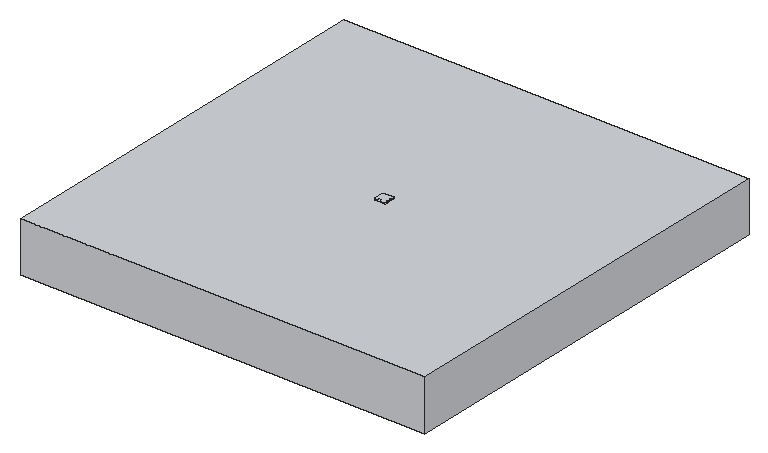
Revit family "Gira_017900", category Allgemeines Modell, Revit 2017
Family settings
  Basisbauteil = Fläche
  Kann Basisbauteil für Bewehrung sein = Nein
  Bemaßung runder Anschluss = Durchmesser verwenden
  Teiletyp = Normal
  Beim Laden mit Abzugskörper schneiden = Nein
  Gemeinsam genutzt = Nein
  Raumberechnungspunkt = Nein
Parameters
  With mounting plate = no
  With memory function = no
  With lighting = no
  With label area = no
  With glass breaking detector connection = no
  With dust cover = no
  With brightness sensor connection = no
  With N-busbar = no
  With LED indication = no
  With Astro program = no
  Wiring system = "Intermediate switch"
  Washing machine switch = no
  Default Elevation = 1219.2 mm
  URL = "https://www.gira.de/"
  Typname = "UAE/IAE conn.box 1 x 8-p ST Insert"
  Type of load = "Universal"
  Type of lighting = "Not included"
  Type of fastening = "Screwing"
  Transparent = no
  Through loss at 860 MHz [B] = 0.1
  Through loss at 2150 MHz [B] = 0.1
  Temperature [Kelvin] = "[5:45]"
  Switch-off protection = no
  Surface protection = "Other"
  Surface finishing = "Not applicable"
  Suitable for wire wound low voltage transformer = yes
  Suitable for wind sensor = no
  Suitable for staircase time switch = no
  Suitable for rain sensor = no
  Suitable for fluorescent tube/energy-saving lamp = yes
  Suitable for electronic low voltage transformer = yes
  Suitable for degree of protection (IP) = "IP20"
  Suitable for 230 V incandescent lamp/halogen lamp = yes
  Substation input = yes
  Shielded housing = no
  Shielded buses = yes
  Serial dimmer = no
  Separate strain relief = yes
  Rated current = 10 A
  Random generator = no
  Push button switch = no
  Productwebsite = "http://katalog.gira.de/en/datenblatt.html?artikelnr=017900"
  Output voltage [Volt] = 5
  Other bus systems = "None"
  Operating voltage [Volt] = "[110:240]"
  Only suitable as substation = no
  Number of rockers = 1
  Number of outputs = 2
  Number of modules (module system) = 1
  Number of buttons = 2
  Nominal voltage [Volt] 3 = "[230:230]"
  Nominal voltage [Volt] 2 = "[230:230]"
  Nominal voltage [Volt] = 250
  Mounting method shielding connection = "None"
  Mounting method = "Flush mounted (plaster)"
  Model = "1-pole switch"
  Min. depth of built-in installation box [m] = 0.024
  Method of operation = "Rocker"
  Mechanical controllable = yes
  Mechanical coding = no
  Max. switching power [Voltampere] = 1000
  Max. output current = 1.4 A
  Material quality = "Other"
  Material = "Other"
  Light value memory = no
  Label space/information surface 7 = "No"
  Label space/information surface 6 = "No"
  Label space/information surface 5 = "No"
  Label space/information surface 4 = "No"
  Label space/information surface = no
  Integrated timer = no
  Input for substation = no
  Imprint = "None"
  Illumination = "Yes"
  Hersteller = "Gira"
  Halogen free = no
  HAN = "017900"
  GTIN = "4010337179009"
  Function lighting = "Illuminated (on)"
  Frequency [Hz] = "[50:60]"
  Forced switch off = no
  Feedback-signal contact = no
  Electronic controllable = no
  Electrical and mechanical locking = yes
  Dimming phase cut-on = yes
  Dimming phase cut-off = yes
  Degree of protection (IP) = "IP20"
  Data sheet = "https://katalog.gira.de/en/download.html?artikelnr=017900"
  Contacts = "1 change-over contact"
  Connection type = "Screw"
  Colour coding = no
  Colour = "Other"
  Category = "3"
  Bus system radio frequent = no
  Bus system Powernet = no
  Bus system LON = no
  Bus system KNX radio = no
  Bus system KNX = yes
  Bus connection included = yes
  Beschreibung = "UAE IAE conn.box 1x8-p ST Ins.,Insert for UAE IAE (ISDN) connection box Cat. 3, 1-gang, 1 x 8-pole,Screw terminals,,Features:,- UAE IAE (ISDN-capable) RJ11 12 and RJ45 8-pole for 6-pole and 8-pole plugs.,- Eight contacts and one supporting contact for one terminal."
  BIM = "https://media.stage.bim.site/public/gira/290f3eb/Einsatz_1fach.rfa"
  Assembly arrangement = "Basic element"
  Applicable with transmission button = no
  Applicable with time switch/timer = no
  Applicable with presence indicator = yes
  Applicable with movement sensor = yes
  Applicable with infrared button = no
  Applicable with button = yes
  App control via Bluetooth = no
Reference planes
  plane 1 "Center (Front/Back)": y = 0
  plane 2: z = 0
  plane 3 "Center (Left/Right)": x = 0
Forms (mm)
  Extrusion 1, solid
    sketch origin (0, 0, 0) x (1, 0, 0) y (0, 1, 0)
      loop
        line (-1219.2, 1219.2) -> (-1219.2, -1219.2) -> (1219.2, -1219.2) -> (1219.2, 1219.2) -> (-1219.2, 1219.2)
    from 0 to -304.8
  Extrusion 2, solid, detail levels fine
    sketch origin (0, 0, 0) x (1, 0, 0) y (0, 1, 0)
      loop
        line (27.475, 35.475) -> (-27.475, 35.475)
        arc (-27.475, 35.475) -> (-33.132, 33.132) -> (-35.475, 27.475) r 8
        line (-35.475, 27.475) -> (-35.475, -27.475)
        arc (-35.475, -27.475) -> (-33.132, -33.132) -> (-27.475, -35.475) r 8
        line (-27.475, -35.475) -> (27.475, -35.475)
        arc (27.475, -35.475) -> (33.132, -33.132) -> (35.475, -27.475) r 8
        line (35.475, -27.475) -> (35.475, 27.475)
        arc (35.475, 27.475) -> (33.132, 33.132) -> (27.475, 35.475) r 8
    from 0 to 1.8
  Extrusion 3, solid, detail levels fine
    sketch origin (0, 0, 0) x (1, 0, 0) y (0, 1, 0)
      loop
        line (9.678, 25.4) -> (-9.678, 25.4)
        arc (-9.678, 25.4) -> (-12.885, 24.922) -> (-15.814, 23.53) r 11
        arc (-15.814, 23.53) -> (-17.795, 22.07) -> (-19.641, 20.444) r 28.35
        arc (-19.641, 20.444) -> (-21.339, 18.665) -> (-22.876, 16.745) r 28.35
        arc (-22.876, 16.745) -> (-24.456, 13.666) -> (-25, 10.248) r 11
        line (-25, 10.248) -> (-25, -10.248)
        arc (-25, -10.248) -> (-24.456, -13.666) -> (-22.876, -16.745) r 11
        arc (-22.876, -16.745) -> (-20.409, -19.677) -> (-17.569, -22.25) r 28.35
        line (-17.569, -22.25) -> (17.569, -22.25)
        arc (17.569, -22.25) -> (20.409, -19.677) -> (22.876, -16.745) r 28.35
        arc (22.876, -16.745) -> (24.456, -13.666) -> (25, -10.248) r 11
        line (25, -10.248) -> (25, 10.248)
        arc (25, 10.248) -> (24.456, 13.666) -> (22.876, 16.745) r 11
        arc (22.876, 16.745) -> (21.593, 18.37) -> (20.195, 19.897) r 28.35
        arc (20.195, 19.897) -> (18.096, 21.823) -> (15.814, 23.53) r 28.35
        arc (15.814, 23.53) -> (12.885, 24.922) -> (9.678, 25.4) r 11
    from 0 to -22
  Extrusion 4, solid, detail levels medium
    sketch origin (0, 0, 0) x (1, 0, 0) y (0, 1, 0)
      loop
        line (-25, 25.4) -> (-25, -22.25) -> (25, -22.25) -> (25, 25.4) -> (-25, 25.4)
    from 0 to -22
  Extrusion 5, solid, detail levels coarse
    sketch origin (0, 0, 0) x (1, 0, 0) y (0, 1, 0)
      loop
        line (35.475, 35.475) -> (-35.475, 35.475) -> (-35.475, -35.475) -> (35.475, -35.475) -> (35.475, 35.475)
    from -22 to 1.8
  Extrusion 6, solid, detail levels medium
    sketch origin (0, 0, 0) x (1, 0, 0) y (0, 1, 0)
      loop
        line (35.475, 35.475) -> (-35.475, 35.475) -> (-35.475, -35.475) -> (35.475, -35.475) -> (35.475, 35.475)
    from 0 to 1.8
Dimensions and locks
  aligned and locked: plane 2 to Extrusion 1
  aligned and locked: level to Extrusion 1
Connectors
  electrical at (0, 0, -22)
    settings: on Extrusion 5, index 1, voltage 220 V, apparent load 0 VA, apparent load phase1 0 VA, apparent load phase2 0 VA, apparent load phase3 0 VA, power factor 1, load classification "Other", number of poles 1, system type 30, power factor state 1, is connector primary yes, connector utility no, sub classification motor no, connector description ""
